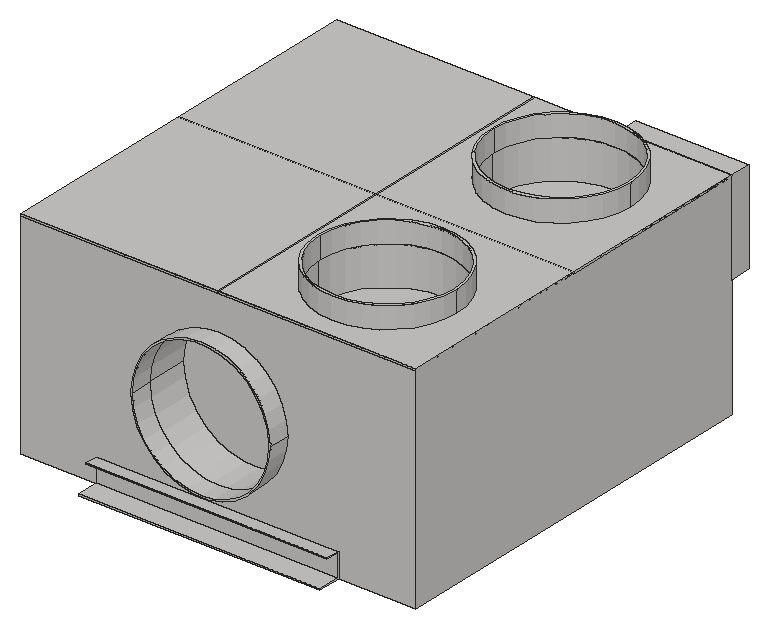
Revit family "AR400742", category Generic Models, Revit 2014
Parameters (values of type "AR400742")
  Width = 426 mm
  URL = "http://www.gaggenau.com."
  Model = "AR400742"
  Manufacturer = "Gaggenau"
  Height = 232 mm
  Unit = Metal Panel
  Description = "Gaggenau 400 series inline blower for use with AL400721/791, VL 414 + knob AA490711, AI/AW 442 ventilation systems"
  Depth = 426 mm
Reference planes
  plane 1 "Center (Front/Back)": y = 0
  plane 2: z = 0
  plane 3 "Center (Left/Right)": x = 0
  plane 4: x = -213
  plane 5: x = 213
  plane 6: y = 213
  plane 7: y = -213
  plane 8: z = 232
  plane 9: z = 255
  plane 10: y = 117
  plane 11: y = -117
  plane 12: y = -236
  plane 13: y = 235.221
  plane 14: y = -237.856
  plane 15: x = -130
  plane 16: x = 130
  plane 17: x = 92
Forms (mm)
  Extrusion 1, solid, material "Metal Panel" <- "Unit"
    sketch origin (0, 0, 0) x (1, 0, 0) y (0, 1, 0)
      loop
        line (-213, 213) -> (-213, -213) -> (213, -213) -> (213, 213) -> (-213, 213)
    from 0 to 232
  Extrusion 2, void
    sketch origin (0, 0, 0) x (1, 0, 0) y (0, 1, 0)
      loop
        circle (105.826, 117) r 75
      loop
        circle (105.826, -117) r 75
    from 188.487 to 250
  Extrusion 3, solid, material "Metal Panel" <- "Unit"
    sketch origin (0, 0, 0) x (1, 0, 0) y (0, 1, 0)
      loop
        circle (105.826, 117) r 75
      loop
        circle (105.826, -117) r 75
      loop
        circle (105.826, 117) r 72.692
      loop
        circle (105.826, -117) r 72.692
    from 232 to 255
  Extrusion 4, void
    sketch origin (0, 0, 0) x (1, 0, 0) y (0, 0, 1)
      loop
        circle (0, 118.028) r 75
    from 166.013 to 250
  Extrusion 5, solid, material "Metal Panel" <- "Unit"
    sketch origin (0, 0, 0) x (1, 0, 0) y (0, 0, 1)
      loop
        circle (0, 118.028) r 75
      loop
        circle (0, 118.028) r 73.585
    from 213 to 236
  Extrusion 6, solid, material "Metal Panel" <- "Unit"
    sketch origin (0, 0, 0) x (1, 0, 0) y (0, 1, 0)
      loop
        line (-213, 213) -> (-213, -213) -> (0, -213) -> (0, 213) -> (-213, 213)
    from 229.895 to 232
  Extrusion 7, solid, material "Metal Panel" <- "Unit"
    sketch origin (0, 0, 0) x (-1, 0, 0) y (0, -1, 0)
      loop
        line (-213, -213) -> (0, -213) -> (0, 213) -> (-213, 213) -> (-213, -213)
    from 229.895 to 232
  Extrusion 8, solid, material "Metal Panel" <- "Unit"
    sketch origin (0, 0, 0) x (1, 0, 0) y (0, 1, 0)
      loop
        line (-213, 213) -> (-213, 0) -> (213, 0) -> (213, 213) -> (-213, 213)
    from 229.895 to 232
  Extrusion 9, solid, material "Metal Panel" <- "Unit"
    sketch origin (0, 0, 0) x (1, 0, 0) y (0, 1, 0)
      loop
        line (-213, -213) -> (213, -213) -> (213, 0) -> (-213, 0) -> (-213, -213)
    from 229.895 to 232
  Extrusion 10, solid, material "Metal Panel" <- "Unit"
    sketch origin (0, 0, 0) x (0, 1, 0) y (0, 0, 1)
      loop
        line (-213, 26.14) -> (-229.084, 27.548) -> (-229.084, 26.298) -> (-214.25, 25) -> (-214.25, 1.25) -> (-237.856, 1.25) -> (-237.856, 0) -> (-213, 0) -> (-213, 26.14)
    from -130 to 130
  Extrusion 11, solid, material "Metal Panel" <- "Unit"
    sketch origin (0, 0, 0) x (0, 1, 0) y (0, 0, 1)
      loop
        line (235.221, 232) -> (213, 232) -> (213, 131) -> (235.221, 131) -> (235.221, 232)
    from 92 to 213
Cuts and joins
  Extrusion 2, Extrusion 4 cuts Extrusion 1
  Extrusion 2 cuts Extrusion 7
  Extrusion 2 cuts Extrusion 9
  Extrusion 2 cuts Extrusion 8
Dimensions and locks
  equal spacing: plane 4, plane 3 "Center (Left/Right)", plane 5
  equal spacing: plane 6, plane 1 "Center (Front/Back)", plane 7
  "Width": plane 4 to plane 5
  "Depth": plane 6 to plane 7
  "Height": plane 8 to plane 2
  plane 9 to plane 2 = 255 mm
  plane 13 to plane 14 = 473.076 mm
  Extrusion 11 to plane 5 = 121 mm
  aligned and locked: level to plane 2
Automatic sketch dimensions
  Extrusion 1 sketch curve to plane 4 = 0 mm
  Extrusion 1 sketch curve to plane 5 = 0 mm
  plane 7 to Extrusion 1 sketch curve = 0 mm
  Extrusion 1 sketch curve to plane 6 = 0 mm
  Extrusion 2 sketch curve to plane 11 = 0 mm
  Extrusion 2 sketch curve to plane 10 = 0 mm
  plane 3 "Center (Left/Right)" to Extrusion 2 sketch curve = 105.826 mm  (x2)
  Extrusion 3 sketch curve to Extrusion 3 sketch curve = 0 mm  (x4)
  plane 3 "Center (Left/Right)" to Extrusion 3 sketch curve = 105.826 mm  (x2)
  Extrusion 3 sketch curve to plane 7 = 96 mm
  Extrusion 3 sketch curve to plane 6 = 96 mm
  Extrusion 4 sketch curve to plane 3 "Center (Left/Right)" = 0 mm
  Extrusion 4 sketch curve to plane 8 = 113.972 mm
  Extrusion 5 sketch curve to Extrusion 5 sketch curve = 0 mm  (x2)
  Extrusion 5 sketch curve to plane 3 "Center (Left/Right)" = 0 mm
  Extrusion 5 sketch curve to plane 8 = 113.972 mm
  Extrusion 6 sketch curve to plane 4 = 0 mm
  Extrusion 6 sketch curve to plane 3 "Center (Left/Right)" = 0 mm
  plane 7 to Extrusion 6 sketch curve = 0 mm
  Extrusion 6 sketch curve to plane 6 = 0 mm
  Extrusion 7 sketch curve to plane 5 = 0 mm
  Extrusion 7 sketch curve to plane 3 "Center (Left/Right)" = 0 mm
  plane 7 to Extrusion 7 sketch curve = 0 mm
  Extrusion 7 sketch curve to plane 6 = 0 mm
  plane 1 "Center (Front/Back)" to Extrusion 8 sketch curve = 0 mm
  Extrusion 8 sketch curve to plane 4 = 0 mm
  Extrusion 8 sketch curve to plane 5 = 0 mm
  Extrusion 8 sketch curve to plane 6 = 0 mm
  plane 1 "Center (Front/Back)" to Extrusion 9 sketch curve = 0 mm
  Extrusion 9 sketch curve to plane 4 = 0 mm
  Extrusion 9 sketch curve to plane 5 = 0 mm
  plane 7 to Extrusion 9 sketch curve = 0 mm
  Extrusion 10 sketch curve to level = 0 mm
  Extrusion 10 sketch curve to plane 14 = 0 mm
  Extrusion 10 sketch curve to Extrusion 10 sketch curve = 1.25 mm  (x2)
  level to Extrusion 10 sketch curve = 1.25 mm
  Extrusion 10 sketch curve to Extrusion 10 sketch curve = 24.89 mm
  Extrusion 10 sketch curve to plane 12 = 6.916 mm
  Extrusion 10 sketch curve to Extrusion 10 sketch curve = 1.298 mm
  Extrusion 10 sketch curve to plane 7 = 0 mm
  Extrusion 10 sketch curve to Extrusion 10 sketch curve = 1.14 mm
  Extrusion 11 sketch curve to plane 6 = 0 mm
  Extrusion 11 sketch curve to plane 13 = 0 mm
  Extrusion 11 sketch curve to plane 8 = 0 mm
  Extrusion 11 sketch curve to plane 8 = 101 mm
  radius of Extrusion 2 sketch curve = 75 mm  (x2)
  radius of Extrusion 3 sketch curve = 75 mm  (x2)
  radius of Extrusion 3 sketch curve = 72.692 mm  (x2)
  radius of Extrusion 4 sketch curve = 75 mm
  radius of Extrusion 5 sketch curve = 75 mm
  radius of Extrusion 5 sketch curve = 73.585 mm
